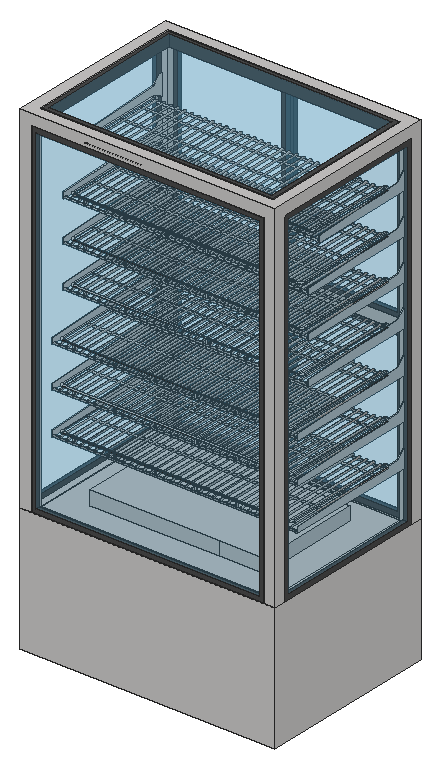
Revit family "QF_FESTIVE_TH9", category Specialty Equipment, Revit 2020
Family settings
  Round Connector Dimension = Use Diameter
  Part Type = Normal
  Work Plane-Based = No
  Always vertical = Yes
  Cut with Voids When Loaded = No
  Shared = No
  Room Calculation Point = No
Parameters (values of type "TH9_220-240/50/1")
  Weight in Kilograms = 185
  Watts = if(Phase = 3, Volts * FL Amps * 1.73, Volts * FL Amps)  # 2948 W
  Volts = 220 V
  URL Cutsheet = ""
  Specification by User = ""
  Specification by Manufacturer = ""
  Shelf Length [instance] = Length - 30 mm  # 870 mm
  Serial Number = ""
  Seismic Rating = ""
  SMACNA No = ""
  Revision Code = ""
  Phase = 1
  Number of Poles = 1
  NAFEM Spec ID Number = ""
  Model = "TH9"
  Min Ckt Ampacity = 0 A
  Max Overcurrent Protection = 0 A
  Masterspec = ""
  Manufacturer = "FESTIVE"
  Length = 900 mm
  Item Number = ""
  Installed By = ""
  Identify Quantity as Lot = yes
  Height = 1730 mm
  HP = ""
  Furnished By = ""
  Foodservice Equipment Identifier = yes
  FL Amps = 13.4 A
  Electrical Remarks = ""
  Electric Connection Type = ""
  Elec Conn RI Height = 0 mm
  Elec Conn Connection Height = 0 mm
  Description = "TOWER: HEATED"
  Depth = 640 mm
  Default Elevation = 0 mm
  Cycle = 50 Hz
  Conn Plug = "10A Plug"
  Conn Conduit = yes
  CSI MasterFormat = ""
  Base Cover 2 [instance] = Length = 1200 mm  # no
  Base Cover 1 [instance] = Length < 901 mm  # yes
  Apparent Power = if(Phase = 3, Volts * FL Amps * 1.73, Volts * FL Amps)  # 2948 VA
Reference planes
  plane 1 "BACK": y = 0
  plane 2: z = 0
  plane 3 "LEFT": x = 0
  plane 4 "RIGHT": x = 900
  plane 5 "FRONT": y = -640
  plane 6 "TOP": z = 1730
  plane 7 "Center Y": x = 450
  plane 8 "Center X": y = -320
  plane 9: z = 470
  plane 10: z = 25.4
  plane 11: x = 40
  plane 12: x = 860
  plane 13: x = 15
  plane 14: x = 885
  plane 15: x = 807.5
  plane 16: x = 92.5
  plane 17: y = 15
Forms (mm)
  Extrusion 1, solid, material "QF_Metal - Stainless - Brushed"
    sketch origin (-6096, 34.743, 25.4) x (0, 1, 0) y (-1, 0, 0)
      loop
        line (-34.743, -6096) -> (-674.743, -6096) -> (-674.743, -6996) -> (-34.743, -6996) -> (-34.743, -6956) -> (-634.743, -6956) -> (-634.743, -6136) -> (-34.743, -6136) -> (-34.743, -6096)
    from 0 to 444.6
  Extrusion 2, solid, material "QF_Plastic - Black - Smooth"
    sketch origin (0, 0, 0) x (0, 1, 0) y (0, 0, 1)
      loop
        line (-40, 1690) -> (-600, 1690) -> (-600, 470) -> (-40, 470) -> (-40, 1690)
      loop
        line (-55, 1675) -> (-585, 1675) -> (-585, 485) -> (-55, 485) -> (-55, 1675)
    from 0 to 15
  Extrusion 3, solid, material "QF_Metal - Stainless - Brushed"
    sketch origin (-6096, 152.961, 470) x (0, 1, 0) y (-1, 0, 0)
      loop
        line (-792.961, -6096) -> (-792.961, -6136) -> (-752.961, -6136) -> (-752.961, -6096) -> (-792.961, -6096)
      loop
        line (-792.961, -6996) -> (-752.961, -6996) -> (-752.961, -6956) -> (-792.961, -6956) -> (-792.961, -6996)
      loop
        line (-152.961, -6996) -> (-152.961, -6956) -> (-192.961, -6956) -> (-192.961, -6996) -> (-152.961, -6996)
      loop
        line (-152.961, -6096) -> (-192.961, -6096) -> (-192.961, -6136) -> (-152.961, -6136) -> (-152.961, -6096)
    from 0 to 1260
  Extrusion 4, solid, material "QF_Metal - Stainless - Brushed"
    sketch origin (-975.299, -4572, 1730) x (-1, 0, 0) y (0, -1, 0)
      loop
        line (-1015.299, -3972) -> (-1835.299, -3972) -> (-1835.299, -4532) -> (-1015.299, -4532) -> (-1015.299, -3972)
      loop
        line (-975.299, -4572) -> (-975.299, -3932) -> (-1875.299, -3932) -> (-1875.299, -4572) -> (-975.299, -4572)
    from 0 to -40
  Extrusion 5, solid, material "Glass"
    sketch origin (0, 0, 0) x (0, 1, 0) y (0, 0, 1)
      loop
        line (-55, 1675) -> (-585, 1675) -> (-585, 485) -> (-55, 485) -> (-55, 1675)
    from 0 to 15
  Extrusion 6, solid, material "QF_Plastic - Black - Smooth"
    sketch origin (900, 0, 0) x (0, -1, 0) y (0, 0, 1)
      loop
        line (40, 1690) -> (40, 470) -> (600, 470) -> (600, 1690) -> (40, 1690)
      loop
        line (55, 1675) -> (55, 485) -> (585, 485) -> (585, 1675) -> (55, 1675)
    from 0 to 15
  Extrusion 7, solid, material "QF_Plastic - Black - Smooth"
    sketch origin (0, -640, 0) x (1, 0, 0) y (0, 0, 1)
      loop
        line (40, 1690) -> (40, 470) -> (860, 470) -> (860, 1690) -> (40, 1690)
      loop
        line (845, 1675) -> (55, 1675) -> (55, 485) -> (845, 485) -> (845, 1675)
    from 0 to -15
  Extrusion 8, solid, material "QF_Plastic - Black - Smooth"
    sketch origin (-975.299, -4572, 1730) x (-1, 0, 0) y (0, -1, 0)
      loop
        line (-1015.299, -4532) -> (-1015.299, -3972) -> (-1835.299, -3972) -> (-1835.299, -4532) -> (-1015.299, -4532)
      loop
        line (-1820.299, -4517) -> (-1030.299, -4517) -> (-1030.299, -3987) -> (-1820.299, -3987) -> (-1820.299, -4517)
    from 0 to -40
  Extrusion 9, solid, material "Glass"
    sketch origin (-975.299, -4572, 1730) x (-1, 0, 0) y (0, -1, 0)
      loop
        line (-1820.299, -4517) -> (-1030.299, -4517) -> (-1030.299, -3987) -> (-1820.299, -3987) -> (-1820.299, -4517)
    from 0 to -40
  Extrusion 10, solid, material "Glass"
    sketch origin (900, 0, 0) x (0, -1, 0) y (0, 0, 1)
      loop
        line (55, 1675) -> (55, 485) -> (585, 485) -> (585, 1675) -> (55, 1675)
    from 0 to 15
  Extrusion 11, solid, material "Glass"
    sketch origin (0, -640, 0) x (1, 0, 0) y (0, 0, 1)
      loop
        line (845, 1675) -> (55, 1675) -> (55, 485) -> (845, 485) -> (845, 1675)
    from 0 to -15
  Extrusion 12, solid, material "QF_Metal - Stainless - Brushed"
    sketch origin (389.467, 0, -196.242) x (1, 0, 0) y (0, 0, -1)
      loop
        line (450.695, -399.744) -> (450.695, -299.744) -> (360.695, -299.744) -> (360.695, -399.744) -> (450.695, -399.744)
    from 0 to 15
  Extrusion 13, solid, material "QF_Metal - Stainless - Brushed"
    sketch origin (0, 0, 0) x (1, 0, 0) y (0, 0, 1)
      loop
        line (860, 376.925) -> (40, 376.925) -> (40, 70.07) -> (145, 70.07) -> (145, 31.8) -> (755, 31.8) -> (755, 69.875) -> (860, 69.875) -> (860, 376.925)
    from 0 to 600
  Extrusion 14, solid
    sketch origin (0, 0, 0) x (-1, 0, 0) y (0, 0, 1)
      loop
        circle (-745, 36.8) r 5
    from 0 to 3.2
  Extrusion 15, solid, material "QF_Metal - Stainless - Brushed"
    sketch origin (860, 0, 25.4) x (1, 0, 0) y (0, 0, -1)
      loop
        line (0, -351.525) -> (-820, -351.525) -> (-820, -444.6) -> (0, -444.6) -> (0, -351.525)
      loop
        line (0, 0) -> (-820, 0) -> (-820, -6.4) -> (0, -6.4) -> (0, 0)
    from 0 to -3.2
  Extrusion 16, solid, material "QF_Plastic - Red - Smooth"
    sketch origin (389.467, 15, -196.242) x (1, 0, 0) y (0, 0, -1)
      loop
        line (432.495, -336.936) -> (432.495, -311.419) -> (423.895, -311.419) -> (423.895, -336.936) -> (432.495, -336.936)
      loop
        line (387.495, -336.936) -> (387.495, -311.419) -> (378.895, -311.419) -> (378.895, -336.936) -> (387.495, -336.936)
    from 0 to 3.2
  Extrusion 17, solid, material "QF_Metal - Stainless - Brushed", visible <- "Base Cover 1"
    sketch origin (-6096, 34.743, 470) x (0, 1, 0) y (-1, 0, 0)
      loop
        line (-165.755, -6696) -> (-165.755, -6238.5) -> (-544.743, -6238.5) -> (-544.743, -6696) -> (-544.743, -6853.5) -> (-165.755, -6853.5) -> (-165.755, -6696)
    from 0 to 48.344
  Extrusion 18, solid, material "QF_Metal - Stainless - Brushed"
    sketch origin (900, 0, 1730) x (-1, 0, 0) y (0, 0, 1)
      loop
        line (40, -670) -> (860, -670) -> (860, -630) -> (40, -630) -> (40, -670)
    from 0 to -30
  Extrusion 19, solid, material "QF_Metal - Stainless - Brushed", visible <- "Base Cover 2"
    sketch origin (-6096, 34.743, 470) x (0, 1, 0) y (-1, 0, 0)
      loop
        line (-544.743, -6238.5) -> (-544.743, -6526) -> (-165.755, -6526) -> (-165.755, -6238.5) -> (-544.743, -6238.5)
      loop
        line (-165.755, -6566) -> (-544.743, -6566) -> (-544.743, -6853.5) -> (-165.755, -6853.5) -> (-165.755, -6566)
    from 0 to 48.344
Cuts and joins
  joined: Extrusion 3, Extrusion 4
Lines and regions (mm)
  Split face 1
    outline origin (410.303, 15, -237.471) x (1, 0, 0) y (0, 0, -1)
      loop
        line (414.859, -381.365) -> (414.859, -349.447) -> (399.859, -349.447) -> (399.859, -381.365) -> (414.859, -381.365)
  Split face 2
    outline origin (580.021, 15, -155.014) x (-1, 0, 0) y (0, 0, 1)
      loop
        line (-185.141, 298.908) -> (-200.141, 298.908) -> (-200.141, 266.99) -> (-185.141, 266.99) -> (-185.141, 298.908)
  Split face 3
    outline origin (389.467, 15, -196.242) x (1, 0, 0) y (0, 0, -1)
      loop
        arc (439.445, -393.619) -> (443.667, -377.428) -> (439.445, -361.238) r 33.153
        line (439.445, -361.238) -> (371.945, -361.238)
        arc (371.945, -361.238) -> (367.723, -377.428) -> (371.945, -393.619) r 33.153
        line (371.945, -393.619) -> (439.445, -393.619)
  Split face 4
    outline origin (389.467, 15, -196.242) x (1, 0, 0) y (0, 0, -1)
      loop
        arc (435.695, -388.563) -> (437.031, -377.507) -> (435.695, -366.451) r 46.41
        line (435.695, -366.451) -> (395.695, -366.451) -> (395.695, -388.563) -> (435.695, -388.563)
  symbolic lines
    curve 1: line (0, 0, 1730) -> (900, 0, 1730)
    curve 2: line (0, -640, 1730) -> (0, 0, 1730)
    curve 3: line (900, -640, 1730) -> (0, -640, 1730)
    curve 4: line (900, 0, 1730) -> (900, -640, 1730)
    curve 5: line (40, -40, 1730) -> (860, -40, 1730)
    curve 6: line (40, -600, 1730) -> (40, -40, 1730)
    curve 7: line (860, -600, 1730) -> (40, -600, 1730)
    curve 8: line (860, -40, 1730) -> (860, -600, 1730)
    curve 9: line (55, -55, 1730) -> (845, -55, 1730)
    curve 10: line (55, -585, 1730) -> (55, -55, 1730)
    curve 11: line (845, -585, 1730) -> (55, -585, 1730)
    curve 12: line (845, -55, 1730) -> (845, -585, 1730)
    curve 13: line (750.162, 15, 1240) -> (750.162, 0, 1240)
    curve 14: line (840.162, 15, 1240) -> (750.162, 15, 1240)
    curve 15: line (840.162, 0, 1240) -> (840.162, 15, 1240)
Dimensions and locks
  equal spacing: plane 3 "LEFT", plane 7 "Center Y", plane 4 "RIGHT"
  "Length": plane 3 "LEFT" to plane 4 "RIGHT"
  equal spacing: plane 5 "FRONT", plane 8 "Center X", plane 1 "BACK"
  "Depth": plane 5 "FRONT" to plane 1 "BACK"
  "Height": plane 6 "TOP" to level
  plane 6 "TOP" to plane 9 to level = 1260 mm, 470 mm
  plane 1 "BACK" to plane 5 "FRONT" = 640 mm
  locked: plane 11 to plane 3 "LEFT" at 40
  locked: plane 12 to plane 4 "RIGHT" at 40
  locked: plane 3 "LEFT" to plane 13 at 15
  locked: plane 4 "RIGHT" to plane 14 at 15
  locked: plane 5 "FRONT" to nested 7 at 45
  locked: plane 5 "FRONT" to nested 6 at 45
  locked: plane 15 to plane 4 "RIGHT" at 92.5
  locked: plane 16 to plane 3 "LEFT" at 92.5
  plane 1 "BACK" to plane 17 = 15 mm
  locked: plane 7 "Center Y" to nested 13 at 15
  locked: plane 7 "Center Y" to nested 14 at 15
  Extrusion 19 sketch curve to plane 7 "Center Y" to Extrusion 19 sketch curve = 20 mm locked, 20 mm locked
  aligned and locked: level to plane 2
  aligned and locked: plane 9 to Extrusion 1
  aligned and locked: plane 6 "TOP" to Extrusion 3
  aligned and locked: nested 1 to plane 13
  aligned and locked: plane 16 to nested 5
  aligned and locked: plane 16 to nested 6
  aligned and locked: nested 8 to plane 15
  aligned and locked: nested 7 to plane 15
  aligned and locked: Extrusion 1 to Extrusion 15 sketch curve  (x2)
  aligned and locked: Extrusion 15 sketch curve to Extrusion 1  (x2)
  aligned and locked: nested 13 to plane 11
  aligned and locked: plane 12 to nested 14
Automatic sketch dimensions
  Extrusion 1 sketch curve to plane 3 "LEFT" = 0 mm
  plane 5 "FRONT" to Extrusion 1 sketch curve = 0 mm
  Extrusion 1 sketch curve to plane 12 = 0 mm
  Extrusion 1 sketch curve to plane 11 = 0 mm
  plane 1 "BACK" to Extrusion 1 sketch curve = 0 mm  (x2)
  Extrusion 1 sketch curve to plane 4 "RIGHT" = 0 mm
  Extrusion 1 sketch curve to plane 5 "FRONT" = 40 mm
  Extrusion 2 sketch curve to plane 9 = 0 mm
  Extrusion 2 sketch curve to plane 5 "FRONT" = 40 mm
  Extrusion 2 sketch curve to Extrusion 2 sketch curve = 15 mm  (x3)
  plane 9 to Extrusion 2 sketch curve = 15 mm
  plane 1 "BACK" to Extrusion 2 sketch curve = 55 mm
  Extrusion 2 sketch curve to plane 6 "TOP" = 55 mm
  Extrusion 3 sketch curve to plane 3 "LEFT" = 0 mm  (x2)
  plane 5 "FRONT" to Extrusion 3 sketch curve = 0 mm  (x2)
  Extrusion 3 sketch curve to plane 4 "RIGHT" = 0 mm  (x2)
  Extrusion 3 sketch curve to plane 11 = 0 mm  (x2)
  Extrusion 3 sketch curve to plane 12 = 0 mm  (x2)
  plane 1 "BACK" to Extrusion 3 sketch curve = 0 mm  (x2)
  Extrusion 3 sketch curve to plane 5 "FRONT" = 40 mm  (x2)
  Extrusion 3 sketch curve to Extrusion 3 sketch curve = 40 mm  (x2)
  plane 1 "BACK" to Extrusion 4 sketch curve = 0 mm
  Extrusion 4 sketch curve to plane 4 "RIGHT" = 0 mm
  Extrusion 4 sketch curve to plane 12 = 0 mm
  Extrusion 4 sketch curve to plane 11 = 0 mm
  Extrusion 4 sketch curve to plane 3 "LEFT" = 0 mm
  plane 5 "FRONT" to Extrusion 4 sketch curve = 0 mm
  plane 1 "BACK" to Extrusion 4 sketch curve = 40 mm
  Extrusion 4 sketch curve to plane 5 "FRONT" = 40 mm
  Extrusion 5 sketch curve to plane 5 "FRONT" = 55 mm
  plane 9 to Extrusion 5 sketch curve = 15 mm
  plane 1 "BACK" to Extrusion 5 sketch curve = 55 mm
  Extrusion 5 sketch curve to plane 6 "TOP" = 55 mm
  Extrusion 6 sketch curve to plane 9 = 0 mm
  plane 1 "BACK" to Extrusion 6 sketch curve = 40 mm
  Extrusion 6 sketch curve to Extrusion 6 sketch curve = 15 mm  (x3)
  plane 9 to Extrusion 6 sketch curve = 15 mm
  Extrusion 6 sketch curve to plane 5 "FRONT" = 55 mm
  Extrusion 6 sketch curve to plane 6 "TOP" = 55 mm
  Extrusion 7 sketch curve to plane 9 = 0 mm
  Extrusion 7 sketch curve to plane 11 = 0 mm
  plane 12 to Extrusion 7 sketch curve = 0 mm
  plane 11 to Extrusion 7 sketch curve = 15 mm
  plane 12 to Extrusion 7 sketch curve = 15 mm
  plane 9 to Extrusion 7 sketch curve = 15 mm
  Extrusion 7 sketch curve to plane 6 "TOP" = 55 mm
  Extrusion 7 sketch curve to Extrusion 7 sketch curve = 15 mm
  Extrusion 8 sketch curve to plane 12 = 0 mm
  Extrusion 8 sketch curve to plane 11 = 0 mm
  plane 12 to Extrusion 8 sketch curve = 15 mm
  plane 11 to Extrusion 8 sketch curve = 15 mm
  plane 1 "BACK" to Extrusion 8 sketch curve = 40 mm
  Extrusion 8 sketch curve to Extrusion 8 sketch curve = 15 mm  (x2)
  Extrusion 8 sketch curve to plane 5 "FRONT" = 55 mm
  plane 12 to Extrusion 9 sketch curve = 15 mm
  plane 11 to Extrusion 9 sketch curve = 15 mm
  plane 1 "BACK" to Extrusion 9 sketch curve = 55 mm
  Extrusion 9 sketch curve to plane 5 "FRONT" = 55 mm
  plane 1 "BACK" to Extrusion 10 sketch curve = 55 mm
  plane 9 to Extrusion 10 sketch curve = 15 mm
  Extrusion 10 sketch curve to plane 5 "FRONT" = 55 mm
  Extrusion 10 sketch curve to plane 6 "TOP" = 55 mm
  plane 1 "BACK" to curve 1 = 0 mm
  curve 1 to plane 4 "RIGHT" = 0 mm
  curve 8 to plane 12 = 0 mm
  curve 5 to plane 11 = 0 mm
  curve 3 to plane 3 "LEFT" = 0 mm
  plane 5 "FRONT" to curve 3 = 0 mm
  plane 12 to curve 12 = 15 mm
  plane 11 to curve 10 = 15 mm
  plane 1 "BACK" to curve 5 = 40 mm
  curve 5 to curve 9 = 15 mm
  curve 12 to plane 5 "FRONT" = 55 mm
  curve 10 to curve 7 = 15 mm
  plane 11 to Extrusion 11 sketch curve = 15 mm
  plane 12 to Extrusion 11 sketch curve = 15 mm
  plane 9 to Extrusion 11 sketch curve = 15 mm
  Extrusion 11 sketch curve to plane 6 "TOP" = 55 mm
  plane 15 to Extrusion 12 sketch curve = 57.338 mm
  plane 12 to Extrusion 12 sketch curve = 19.838 mm
  plane 10 to Extrusion 12 sketch curve = 178.101 mm
  plane 10 to Extrusion 12 sketch curve = 78.101 mm
  Split face 1 sketch curve to Extrusion 12 = 30 mm
  Split face 1 sketch curve to Extrusion 12 = 15 mm
  Split face 1 sketch curve to Extrusion 12 = 40.393 mm
  Split face 1 sketch curve to Extrusion 12 = 8.475 mm
  Extrusion 13 sketch curve to plane 11 = 0 mm
  plane 12 to Extrusion 13 sketch curve = 0 mm
  plane 10 to Extrusion 13 sketch curve = 6.4 mm
  plane 16 to Extrusion 13 sketch curve = 52.5 mm
  plane 15 to Extrusion 13 sketch curve = 52.5 mm
  plane 10 to Extrusion 13 sketch curve = 44.475 mm
  Extrusion 13 sketch curve to Extrusion 13 sketch curve = 38.27 mm
  Extrusion 13 sketch curve to plane 9 = 93.075 mm
  Extrusion 14 sketch curve to Extrusion 13 = 10 mm
  Extrusion 14 sketch curve to Extrusion 13 = 5 mm
  Extrusion 15 sketch curve to Extrusion 1 = 0 mm  (x2)
  Extrusion 1 to Extrusion 15 sketch curve = 93.075 mm
  Extrusion 15 sketch curve to Extrusion 15 sketch curve = 6.4 mm
  Split face 2 sketch curve to Extrusion 12 = 30 mm
  Split face 2 sketch curve to Extrusion 12 = 15 mm
  Split face 2 sketch curve to Extrusion 12 = 8.475 mm
  Split face 2 sketch curve to Split face 2 sketch curve = 31.918 mm
  Split face 3 sketch curve to Extrusion 12 = 11.25 mm  (x4)
  Split face 3 sketch curve to Split face 3 sketch curve = 28.931 mm
  Split face 3 sketch curve to Split face 3 sketch curve = 9.638 mm
  Split face 3 sketch curve to Extrusion 12 = 6.125 mm
  Split face 3 sketch curve to Extrusion 12 = 22.316 mm
  Extrusion 16 sketch curve to Extrusion 12 = 18.2 mm
  Extrusion 16 sketch curve to Extrusion 16 sketch curve = 8.6 mm  (x2)
  Extrusion 16 sketch curve to Extrusion 12 = 26.8 mm
  Extrusion 16 sketch curve to Extrusion 12 = 37.193 mm  (x2)
  Extrusion 16 sketch curve to Extrusion 12 = 11.675 mm  (x2)
  Split face 4 sketch curve to Extrusion 12 = 29.926 mm
  Split face 4 sketch curve to Split face 4 sketch curve = 5.074 mm
  Split face 4 sketch curve to Extrusion 12 = 15 mm  (x2)
  Split face 4 sketch curve to Extrusion 12 = 11.181 mm
  Split face 4 sketch curve to Split face 4 sketch curve = 11.056 mm
  Extrusion 1 to Extrusion 17 sketch curve = 90 mm
  Extrusion 17 sketch curve to Extrusion 1 = 131.012 mm
  Extrusion 1 to Extrusion 17 sketch curve = 102.5 mm  (x2)
  Extrusion 17 sketch curve to Extrusion 17 sketch curve = 157.5 mm  (x2)
  plane 1 "BACK" to curve 15 = 0 mm
  curve 14 to plane 17 = 0 mm
  plane 1 "BACK" to curve 13 = 0 mm
  plane 12 to curve 14 = 19.838 mm
  plane 15 to curve 14 = 57.338 mm
  Extrusion 4 to Extrusion 18 sketch curve = 40 mm
  Extrusion 18 sketch curve to Extrusion 4 = 40 mm
  Extrusion 18 sketch curve to Extrusion 4 = 630 mm
  Extrusion 18 sketch curve to Extrusion 18 sketch curve = 40 mm
  Extrusion 1 to Extrusion 19 sketch curve = 90 mm
  Extrusion 1 to Extrusion 19 sketch curve = 102.5 mm  (x2)
  Extrusion 19 sketch curve to Extrusion 19 sketch curve = 0 mm  (x2)
  Extrusion 19 sketch curve to Extrusion 1 = 131.012 mm
  radius of Extrusion 14 sketch curve = 5 mm
Nested families
  nested 1: "PARAMETRIC SHELF" at (15, -40, 1380), Length <- "Shelf Length", type "PARAMETRIC SHELF"
    with Rail Depth 382 mm, Rail 2 6, No. of Rail 34, Length 870 mm, Depth 432 mm
  nested 2: "PARAMETRIC SHELF" at (15, -40, 1235.776), Length <- "Shelf Length", type "PARAMETRIC SHELF"
    with Rail Depth 382 mm, Rail 2 6, No. of Rail 34, Length 870 mm, Depth 432 mm
  nested 3: "PARAMETRIC SHELF" at (15, -40, 795.822), Length <- "Shelf Length", type "PARAMETRIC SHELF"
    with Rail Depth 430 mm, Rail 2 6, No. of Rail 34, Length 870 mm, Depth 480 mm
  nested 4: "PARAMETRIC SHELF" at (15, -40, 940.822), Length <- "Shelf Length", type "PARAMETRIC SHELF"
    with Rail Depth 430 mm, Rail 2 6, No. of Rail 34, Length 870 mm, Depth 480 mm
  nested 5: "3 INCHES 01_CASTER" at (92.5, -65, 0), type "3 INCHES 01_CASTER"
    with Type Mark "", Specification by User "", Revision Code "", Item Number "", Installed By "", Identify Quantity as Lot yes, Furnished By "", Foodservice Equipment Identifier yes, 3 Inches Caster yes
  nested 6: "3 INCHES 01_CASTER" at (92.5, -595, 0), type "3 INCHES 01_CASTER"
    with Type Mark "", Specification by User "", Revision Code "", Item Number "", Installed By "", Identify Quantity as Lot yes, Furnished By "", Foodservice Equipment Identifier yes, 3 Inches Caster yes
  nested 7: "3 INCHES 01_CASTER" at (807.5, -595, 0), type "3 INCHES 01_CASTER"
    with Type Mark "", Specification by User "", Revision Code "", Item Number "", Installed By "", Identify Quantity as Lot yes, Furnished By "", Foodservice Equipment Identifier yes, 3 Inches Caster yes
  nested 8: "3 INCHES 01_CASTER" at (807.5, -65, 0), type "3 INCHES 01_CASTER"
    with Type Mark "", Specification by User "", Revision Code "", Item Number "", Installed By "", Identify Quantity as Lot yes, Furnished By "", Foodservice Equipment Identifier yes, 3 Inches Caster yes
  nested 9: "PARAMETRIC PAN" at (15, -40, 466.8), Length <- "Shelf Length", type "PARAMETRIC PAN"
    with Rail Depth 510 mm, Rail 2 6, No. of Rail 34, Length 870 mm, Depth 560 mm
  nested 10: "PARAMETRIC SHELF" at (15, -40, 1090.822), Length <- "Shelf Length", type "PARAMETRIC SHELF"
    with Rail Depth 382 mm, Rail 2 6, No. of Rail 34, Length 870 mm, Depth 432 mm
  nested 11: "PARAMETRIC SHELF" at (15, -40, 647.883), Length <- "Shelf Length", type "PARAMETRIC SHELF"
    with Rail Depth 430 mm, Rail 2 6, No. of Rail 34, Length 870 mm, Depth 480 mm
  nested 12: "PARAMETRIC SHELF" at (15, -40, 1525.095), Length <- "Shelf Length", type "PARAMETRIC SHELF"
    with Rail Depth 335 mm, Rail 2 6, No. of Rail 34, Length 870 mm, Depth 385 mm
  nested 13: "PARAMETRIC WINDOW" at (40, 0, 15), type "PARAMETRIC WINDOW"
    with Window Assembly yes, Length 425 mm
  nested 14: "PARAMETRIC WINDOW" at (435, -15, 15), type "PARAMETRIC WINDOW"
    with Window Assembly yes, Length 425 mm
Connectors
  electrical at (745, 3.2, 36.8), driven by "Volts", driven by "Watts"
    settings: on Extrusion 14, index 2, voltage 220 V, apparent load 2948 VA, apparent load phase1 0 VA, apparent load phase2 0 VA, apparent load phase3 0 VA, power factor 1, load classification "Other", number of poles 1, system type 30, power factor state 1, is connector primary yes, connector utility no, sub classification motor no, connector description "ELECTRICAL CONNECTION"
Definition of nested family "PARAMETRIC SHELF"
  Parameters (values of type "PARAMETRIC SHELF")
    Weight in Pounds = 0
    URL Cutsheet = ""
    Specification by User = ""
    Specification by Manufacturer = ""
    Serial Number = ""
    Seismic Rating = ""
    SMACNA No = ""
    Revision Code = ""
    Rail Depth [instance] = Depth - 50 mm  # 367 mm
    Rail 2 [instance] = Length / 150 mm  # 4
    No. of Rail [instance] = Length / 25.4 mm  # 24
    NAFEM Spec ID Number = ""
    Masterspec = ""
    Length [instance] = 600 mm
    Item Number = ""
    Installed By = ""
    Identify Quantity as Lot = yes
    Height = 220 mm
    Furnished By = ""
    Foodservice Equipment Identifier = yes
    Depth [instance] = 417 mm
    Default Elevation = 0 mm
    CSI MasterFormat = ""
  Reference planes
    plane 1 "BACK": y = 0
    plane 2: z = 0
    plane 3 "LEFT": x = 0
    plane 4 "RIGHT": x = 600
    plane 5 "FRONT": y = -417
    plane 6 "TOP": z = 220
    plane 7 "Center Y": x = 300
    plane 8 "Center X": y = -208.5
    plane 9: x = 28.6
    plane 10: x = 571.4
    plane 11: x = 3.2
    plane 12: x = 596.8
  Forms (mm)
    Extrusion 1, solid
      sketch origin (0, -4517, 280.761) x (0, 0, 1) y (0, -1, 0)
        loop
          line (-244.023, -4477) -> (-261.193, -4100) -> (-280.761, -4100) -> (-280.761, -4502.438) -> (-295.323, -4517) -> (-217.773, -4517) -> (-217.773, -4508.448) -> (-244.023, -4477)
      from 0 to 3.2
    Extrusion 2, solid
      sketch origin (600, 0, 0) x (0, -1, 0) y (0, 0, 1)
        loop
          line (40, 36.738) -> (8.552, 62.988) -> (0, 62.988) -> (0, -14.562) -> (14.562, 0) -> (417, 0) -> (417, 19.568) -> (40, 36.738)
      from 0 to 3.2
    Extrusion 3, solid
      sketch origin (3.2, -4572, 62.788) x (0, 0, 1) y (0, -1, 0)
        loop
          circle (-59.788, -4158) r 3
        loop
          circle (-59.788, -4268) r 3
        loop
          circle (-59.788, -4368) r 3
        loop
          circle (-59.788, -4471.515) r 3
        loop
          circle (-59.788, -4519.015) r 3
      from 0 to 593.6
    Extrusion 4, solid
      sketch origin (20.4, -417, 21.873) x (0, 0, 1) y (1, 0, 0)
        loop
          circle (-13.368, 8.2) r 2.5
      from 0 to 367 <- "Rail Depth"
    Extrusion 5, solid
      sketch origin (563.2, -417, 21.873) x (0, 0, 1) y (1, 0, 0)
        loop
          circle (-13.368, 8.2) r 2.5
      from 0 to 367 <- "Rail Depth"
    Extrusion 6, solid
      sketch origin (44, -417, 21.873) x (0, 0, 1) y (1, 0, 0)
        loop
          circle (-13.368, 8.2) r 2.5
      from 0 to 367 <- "Rail Depth"
    Extrusion 7, solid
      sketch origin (67.6, -417, 21.873) x (0, 0, 1) y (1, 0, 0)
        loop
          circle (-13.368, 8.2) r 2.5
      from 0 to 367 <- "Rail Depth"
    Extrusion 8, solid
      sketch origin (91.2, -417, 21.873) x (0, 0, 1) y (1, 0, 0)
        loop
          circle (-13.368, 8.2) r 2.5
      from 0 to 367 <- "Rail Depth"
    Extrusion 9, solid
      sketch origin (114.8, -417, 21.873) x (0, 0, 1) y (1, 0, 0)
        loop
          circle (-13.368, 8.2) r 2.5
      from 0 to 367 <- "Rail Depth"
    Extrusion 10, solid
      sketch origin (138.4, -417, 21.873) x (0, 0, 1) y (1, 0, 0)
        loop
          circle (-13.368, 8.2) r 2.5
      from 0 to 367 <- "Rail Depth"
    Extrusion 11, solid
      sketch origin (162, -417, 21.873) x (0, 0, 1) y (1, 0, 0)
        loop
          circle (-13.368, 8.2) r 2.5
      from 0 to 367 <- "Rail Depth"
    Extrusion 12, solid
      sketch origin (185.6, -417, 21.873) x (0, 0, 1) y (1, 0, 0)
        loop
          circle (-13.368, 8.2) r 2.5
      from 0 to 367 <- "Rail Depth"
    Extrusion 13, solid
      sketch origin (209.2, -417, 21.873) x (0, 0, 1) y (1, 0, 0)
        loop
          circle (-13.368, 8.2) r 2.5
      from 0 to 367 <- "Rail Depth"
    Extrusion 14, solid
      sketch origin (232.8, -417, 21.873) x (0, 0, 1) y (1, 0, 0)
        loop
          circle (-13.368, 8.2) r 2.5
      from 0 to 367 <- "Rail Depth"
    Extrusion 15, solid
      sketch origin (256.4, -417, 21.873) x (0, 0, 1) y (1, 0, 0)
        loop
          circle (-13.368, 8.2) r 2.5
      from 0 to 367 <- "Rail Depth"
    Extrusion 16, solid
      sketch origin (280, -417, 21.873) x (0, 0, 1) y (1, 0, 0)
        loop
          circle (-13.368, 8.2) r 2.5
      from 0 to 367 <- "Rail Depth"
    Extrusion 17, solid
      sketch origin (303.6, -417, 21.873) x (0, 0, 1) y (1, 0, 0)
        loop
          circle (-13.368, 8.2) r 2.5
      from 0 to 367 <- "Rail Depth"
    Extrusion 18, solid
      sketch origin (327.2, -417, 21.873) x (0, 0, 1) y (1, 0, 0)
        loop
          circle (-13.368, 8.2) r 2.5
      from 0 to 367 <- "Rail Depth"
    Extrusion 19, solid
      sketch origin (350.8, -417, 21.873) x (0, 0, 1) y (1, 0, 0)
        loop
          circle (-13.368, 8.2) r 2.5
      from 0 to 367 <- "Rail Depth"
    Extrusion 20, solid
      sketch origin (374.4, -417, 21.873) x (0, 0, 1) y (1, 0, 0)
        loop
          circle (-13.368, 8.2) r 2.5
      from 0 to 367 <- "Rail Depth"
    Extrusion 21, solid
      sketch origin (398, -417, 21.873) x (0, 0, 1) y (1, 0, 0)
        loop
          circle (-13.368, 8.2) r 2.5
      from 0 to 367 <- "Rail Depth"
    Extrusion 22, solid
      sketch origin (421.6, -417, 21.873) x (0, 0, 1) y (1, 0, 0)
        loop
          circle (-13.368, 8.2) r 2.5
      from 0 to 367 <- "Rail Depth"
    Extrusion 23, solid
      sketch origin (445.2, -417, 21.873) x (0, 0, 1) y (1, 0, 0)
        loop
          circle (-13.368, 8.2) r 2.5
      from 0 to 367 <- "Rail Depth"
    Extrusion 24, solid
      sketch origin (468.8, -417, 21.873) x (0, 0, 1) y (1, 0, 0)
        loop
          circle (-13.368, 8.2) r 2.5
      from 0 to 367 <- "Rail Depth"
    Extrusion 25, solid
      sketch origin (492.4, -417, 21.873) x (0, 0, 1) y (1, 0, 0)
        loop
          circle (-13.368, 8.2) r 2.5
      from 0 to 367 <- "Rail Depth"
    Extrusion 26, solid
      sketch origin (516, -417, 21.873) x (0, 0, 1) y (1, 0, 0)
        loop
          circle (-13.368, 8.2) r 2.5
      from 0 to 367 <- "Rail Depth"
    Extrusion 27, solid
      sketch origin (539.6, -417, 21.873) x (0, 0, 1) y (1, 0, 0)
        loop
          circle (-13.368, 8.2) r 2.5
      from 0 to 367 <- "Rail Depth"
    Sweep 28, solid
      path origin (0, 0, 0) x (1, 0, 0) y (0, 1, 0)
        loop
          line (571.4, -70) -> (571.4, -404)
          arc (571.4, -404) -> (568.471, -411.071) -> (561.4, -414) r 10
          line (561.4, -414) -> (38.6, -414)
          arc (38.6, -414) -> (31.529, -411.071) -> (28.6, -404) r 10
          line (28.6, -404) -> (28.6, -70)
      profile origin (571.4, -237, 0) x (1, 0, 0) y (0, 0, 1)
        loop
          circle (0, 23.505) r 2.5
    Sweep 29, solid
      path origin (28.6, -4572, 11.2) x (0, 0, 1) y (0, -1, 0)
        loop
          line (12.305, -4502) -> (12.305, -4509.015)
          arc (12.305, -4509.015) -> (9.376, -4516.086) -> (2.305, -4519.015) r 10
          line (2.305, -4519.015) -> (-0.376, -4519.015)
      profile origin (28.6, -66.493, 23.505) x (0, 0, 1) y (1, 0, 0)
        loop
          circle (0, 0) r 2.5
    Sweep 30, solid
      path origin (571.4, -4572, 11.2) x (0, 0, 1) y (0, -1, 0)
        loop
          line (12.305, -4502) -> (12.305, -4509.015)
          arc (12.305, -4509.015) -> (9.376, -4516.086) -> (2.305, -4519.015) r 10
          line (2.305, -4519.015) -> (-0.376, -4519.015)
      profile origin (571.4, -66.493, 23.505) x (0, 0, -1) y (-1, 0, 0)
        loop
          circle (0, 0) r 2.5
    Extrusion 31, solid
      sketch origin (0, 0, 0) x (1, 0, 0) y (0, 1, 0)
        loop
          circle (75.8, -414.118) r 2
      from 5.989 to 23.272
    Extrusion 32, solid
      sketch origin (448.4, 0, 0) x (1, 0, 0) y (0, 1, 0)
        loop
          circle (75.8, -414.118) r 2
      from 5.989 to 23.272
    Extrusion 33, solid
      sketch origin (149.467, 0, 0) x (1, 0, 0) y (0, 1, 0)
        loop
          circle (75.8, -414.118) r 2
      from 5.989 to 23.272
    Extrusion 34, solid
      sketch origin (298.933, 0, 0) x (1, 0, 0) y (0, 1, 0)
        loop
          circle (75.8, -414.118) r 2
      from 5.989 to 23.272
  Cuts and joins
    joined: Sweep 28, Sweep 29, Sweep 30
  Lines and regions (mm)
    symbolic lines
      curve 1: line (0, 0, 0) -> (600, 0, 0)
      curve 2: line (0, -417, 0) -> (0, 0, 0)
      curve 3: line (600, -417, 0) -> (0, -417, 0)
      curve 4: line (600, 0, 0) -> (600, -417, 0)
  Dimensions and locks
    equal spacing: plane 3 "LEFT", plane 7 "Center Y", plane 4 "RIGHT"
    "Length": plane 3 "LEFT" to plane 4 "RIGHT"
    equal spacing: plane 5 "FRONT", plane 8 "Center X", plane 1 "BACK"
    "Depth": plane 5 "FRONT" to plane 1 "BACK"
    "Height": plane 6 "TOP" to level
    locked: plane 9 to plane 3 "LEFT" at 28.6
    locked: plane 10 to plane 4 "RIGHT" at 28.6
    locked: plane 12 to plane 4 "RIGHT" at 3.2
    locked: plane 11 to plane 3 "LEFT" at 3.2
    equal spacing: group 1, group 3, group 4, group 5, group 6, group 7, group 8, group 9, group 10, group 11, group 12, group 13, group 14, group 15, group 16, group 17, group 18, group 19, group 20, group 21, group 22, group 23, group 24, group 2  (x3)
    plane 1 "BACK" to Extrusion 3 sketch curve to Extrusion 3 sketch curve = 52.985 mm locked, 47.5 mm locked
    locked: Sweep 28 sketch curve to plane 1 "BACK" at 70  (x2)
    equal spacing: group 25, group 27, group 28, group 26  (x3)
    locked: Extrusion 31 to plane 3 "LEFT" at 73.8
    locked: Extrusion 32 to plane 4 "RIGHT" at 73.8
    locked: Extrusion 31 to plane 5 "FRONT" at 2.882
    locked: Extrusion 32 to plane 5 "FRONT" at 2.882
    aligned and locked: level to plane 2
    aligned and locked: Extrusion 3 to plane 12
    aligned and locked: plane 5 "FRONT" to Extrusion 4
    aligned and locked: plane 5 "FRONT" to Extrusion 5
    aligned and locked: plane 10 to Extrusion 5
  Automatic sketch dimensions
    Extrusion 1 sketch curve to plane 1 "BACK" = 0 mm
    Extrusion 1 sketch curve to level = 0 mm
    Extrusion 1 sketch curve to plane 5 "FRONT" = 0 mm
    Extrusion 1 sketch curve to level = 14.562 mm
    level to Extrusion 1 sketch curve = 19.568 mm
    level to Extrusion 1 sketch curve = 36.738 mm
    plane 1 "BACK" to Extrusion 1 sketch curve = 8.552 mm
    Extrusion 1 sketch curve to Extrusion 1 sketch curve = 26.25 mm
    plane 1 "BACK" to Extrusion 1 sketch curve = 14.562 mm
    plane 1 "BACK" to Extrusion 1 sketch curve = 40 mm
    Extrusion 2 sketch curve to plane 1 "BACK" = 0 mm
    Extrusion 2 sketch curve to level = 0 mm
    Extrusion 2 sketch curve to plane 5 "FRONT" = 0 mm
    plane 1 "BACK" to Extrusion 2 sketch curve = 8.552 mm
    plane 1 "BACK" to Extrusion 2 sketch curve = 14.562 mm
    plane 1 "BACK" to Extrusion 2 sketch curve = 40 mm
    Extrusion 2 sketch curve to level = 14.562 mm
    level to Extrusion 2 sketch curve = 19.568 mm
    level to Extrusion 2 sketch curve = 36.738 mm
    Extrusion 2 sketch curve to Extrusion 2 sketch curve = 26.25 mm
    level to Extrusion 3 sketch curve = 3 mm  (x5)
    plane 8 "Center X" to Extrusion 3 sketch curve = 4.5 mm
    Extrusion 3 sketch curve to plane 8 "Center X" = 95.5 mm
    Extrusion 3 sketch curve to plane 5 "FRONT" = 3 mm
    Sweep 28 sketch curve to plane 9 = 0 mm
    Sweep 28 sketch curve to plane 10 = 0 mm
    Sweep 28 sketch curve to plane 5 "FRONT" = 3 mm
    plane 9 to Sweep 28 sketch curve = 10 mm
    Sweep 28 sketch curve to Sweep 28 sketch curve = 10 mm
    profile plane to Sweep 28 sketch curve = 0 mm
    level to Sweep 28 sketch curve = 23.505 mm
    level to Sweep 29 sketch curve = 13.505 mm
    Sweep 29 sketch curve to Sweep 29 sketch curve = 10 mm
    plane 1 "BACK" to Sweep 29 sketch curve = 52.985 mm
    Sweep 29 sketch curve to Sweep 29 sketch curve = 2.68 mm
    Sweep 29 sketch curve to Sweep 29 sketch curve = 7.015 mm
    Sweep 29 sketch curve to plane 9 = 0 mm
    Sweep 29 sketch curve to profile plane = 0 mm
    Sweep 30 sketch curve to profile plane = 0 mm
    profile plane to Sweep 30 sketch curve = 0 mm
    Sweep 30 sketch curve to level = 13.505 mm
    Sweep 30 sketch curve to Sweep 30 sketch curve = 10 mm
    Sweep 30 sketch curve to plane 1 "BACK" = 52.985 mm
    Sweep 30 sketch curve to Sweep 30 sketch curve = 2.68 mm
    Sweep 30 sketch curve to Sweep 30 sketch curve = 7.015 mm
    curve 3 to plane 3 "LEFT" = 0 mm
    curve 3 to plane 4 "RIGHT" = 0 mm
    plane 5 "FRONT" to curve 3 = 0 mm
    plane 1 "BACK" to curve 2 = 0 mm
    radius of Extrusion 4 sketch curve = 2.5 mm
    radius of Extrusion 5 sketch curve = 2.5 mm
    radius of Extrusion 6 sketch curve = 2.5 mm
    radius of Extrusion 7 sketch curve = 2.5 mm
    radius of Extrusion 8 sketch curve = 2.5 mm
    radius of Extrusion 9 sketch curve = 2.5 mm
    radius of Extrusion 10 sketch curve = 2.5 mm
    radius of Extrusion 11 sketch curve = 2.5 mm
    radius of Extrusion 12 sketch curve = 2.5 mm
    radius of Extrusion 13 sketch curve = 2.5 mm
    radius of Extrusion 14 sketch curve = 2.5 mm
    radius of Extrusion 15 sketch curve = 2.5 mm
    radius of Extrusion 16 sketch curve = 2.5 mm
    radius of Extrusion 17 sketch curve = 2.5 mm
    radius of Extrusion 18 sketch curve = 2.5 mm
    radius of Extrusion 19 sketch curve = 2.5 mm
    radius of Extrusion 20 sketch curve = 2.5 mm
    radius of Extrusion 21 sketch curve = 2.5 mm
    radius of Extrusion 22 sketch curve = 2.5 mm
    radius of Extrusion 23 sketch curve = 2.5 mm
    radius of Extrusion 24 sketch curve = 2.5 mm
    radius of Extrusion 25 sketch curve = 2.5 mm
    radius of Extrusion 26 sketch curve = 2.5 mm
    radius of Extrusion 27 sketch curve = 2.5 mm
    radius of Extrusion 3 sketch curve = 3 mm  (x5)
    radius of Sweep 28 sketch curve = 2.5 mm
    radius of Sweep 29 sketch curve = 2.5 mm
    radius of Sweep 30 sketch curve = 2.5 mm
    radius of Extrusion 31 sketch curve = 2 mm
    radius of Extrusion 32 sketch curve = 2 mm
    radius of Extrusion 33 sketch curve = 2 mm
    radius of Extrusion 34 sketch curve = 2 mm
Definition of nested family "3 INCHES 01_CASTER"
  Parameters (values of type "3 INCHES 01_CASTER")
    Weight = ""
    URL Manufacturer = ""
    URL Cutsheet = ""
    URL = ""
    Type Mark [instance] = ""
    Specification by User [instance] = ""
    Specification by Manufacturer = ""
    Serial Number = ""
    Seismic Rating = ""
    SMACNA No = ""
    Revision Code [instance] = ""
    Omniclass Number and Title = ""
    NAFEM Spec ID Number = ""
    Model = ""
    MasterSpec. = ""
    Manufacturer = ""
    Item Number [instance] = ""
    Installed By [instance] = ""
    Identify Quantity as Lot [instance] = yes
    Furnished By [instance] = ""
    Foodservice Equipment Identifier [instance] = yes
    Description = ""
    Default Elevation = 0 mm
    CSI MasterFormat = ""
    CSI Master Format = ""
    Assembly Code = ""
    3 Inches Caster [instance] = yes
  Reference planes
    plane 1: z = 0
    plane 2 "RIGHT": x = 0
    plane 3 "FRONT": y = 0
    plane 4 "TOP": z = 79.375
  Forms (mm)
    Revolve 1, solid, visible <- "3 Inches Caster"
      sketch origin (-49.224, 14.225, -25.504) x (1, 0, 0) y (0, 0, 1)
        loop
          line (18.81, 53.682) -> (18.81, 51.765) -> (20.08, 50.495) -> (21.604, 50.495) -> (21.604, 47.445) -> (31.369, 47.445) -> (31.369, 43.353) -> (34.656, 41.455) -> (35.568, 35.823) -> (34.131, 35.823) -> (34.131, 32.648) -> (34.925, 32.648) -> (34.925, 25.504) -> (63.103, 25.504) -> (63.103, 32.648) -> (63.897, 32.648) -> (63.897, 35.823) -> (62.461, 35.823) -> (63.387, 41.544) -> (66.659, 43.434) -> (66.659, 47.445) -> (77.218, 47.445) -> (77.218, 50.495) -> (78.742, 50.495) -> (80.012, 51.765) -> (80.012, 53.682) -> (18.81, 53.682)
        axis (18.81, 53.682) -> (80.012, 53.682)
      angle from 0 to 360
    Extrusion 2, solid, visible <- "3 Inches Caster"
      sketch origin (-49.224, 34.365, -82.654) x (0, 1, 0) y (0, 0, 1)
        loop
          line (-10.438, 149.046) -> (-10.438, 152.724) -> (-58.291, 152.724) -> (-58.291, 145.096) -> (-46.304, 145.096)
          arc (-46.304, 145.096) -> (-25.478, 142.206) -> (-4.976, 137.538) r 244.683
          arc (-4.976, 137.538) -> (3.212, 134.488) -> (10.725, 130.027) r 48.783
          line (10.725, 130.027) -> (13.034, 133.223)
          arc (13.034, 133.223) -> (6.948, 137.813) -> (0.305, 141.552) r 57.159
          line (0.305, 141.552) -> (2.38, 145.142)
          arc (2.38, 145.142) -> (-3.879, 147.585) -> (-10.438, 149.046) r 43.98
      from 29.809 to 68.639
    Revolve 3, solid, visible <- "3 Inches Caster"
      sketch origin (0, 44.16, -82.55) x (0, 1, 0) y (0, 0, 1)
        loop
          line (-44.16, 161.925) -> (-44.16, 152.62) -> (-23.696, 152.62) -> (-23.696, 161.925) -> (-44.16, 161.925)
        axis (-44.16, 152.62) -> (-44.16, 161.925)
      angle from 0 to 360
    Extrusion 4, solid, visible <- "3 Inches Caster"
      sketch origin (-50.414, 34.365, -44.554) x (0, 1, 0) y (0, 0, 1)
        loop
          line (-58.291, 114.624) -> (-58.291, 106.996) -> (-56.068, 106.996)
          arc (-56.068, 106.996) -> (-40.334, 98.348) -> (-33.282, 81.837) r 27.521
          arc (-33.282, 81.837) -> (-32.335, 75.873) -> (-30.382, 70.158) r 35.169
          arc (-30.382, 70.158) -> (-19.737, 63.435) -> (-9.498, 70.763) r 11.278
          arc (-9.498, 70.763) -> (-9.015, 72.239) -> (-8.655, 73.751) r 18.805
          arc (-8.655, 73.751) -> (-1.855, 86.085) -> (10.869, 92.126) r 22.956
          line (10.869, 92.126) -> (13.034, 95.123)
          arc (13.034, 95.123) -> (6.948, 99.713) -> (0.305, 103.452) r 57.159
          line (0.305, 103.452) -> (2.38, 107.042)
          arc (2.38, 107.042) -> (-3.879, 109.485) -> (-10.438, 110.946) r 43.98
          line (-10.438, 110.946) -> (-10.438, 114.624) -> (-58.291, 114.624)
      from 69.829 to 73.87
    Extrusion 5, solid, visible <- "3 Inches Caster"
      sketch origin (50.414, 34.365, -44.554) x (0, 1, 0) y (0, 0, -1)
        loop
          line (-58.291, -114.624) -> (-10.438, -114.624) -> (-10.438, -110.946)
          arc (-10.438, -110.946) -> (-3.879, -109.485) -> (2.38, -107.042) r 43.98
          line (2.38, -107.042) -> (0.305, -103.452)
          arc (0.305, -103.452) -> (6.948, -99.713) -> (13.034, -95.123) r 57.159
          line (13.034, -95.123) -> (10.869, -92.126)
          arc (10.869, -92.126) -> (-1.855, -86.085) -> (-8.655, -73.751) r 22.956
          arc (-8.655, -73.751) -> (-9.015, -72.239) -> (-9.498, -70.763) r 18.805
          arc (-9.498, -70.763) -> (-19.737, -63.435) -> (-30.382, -70.158) r 11.278
          arc (-30.382, -70.158) -> (-32.335, -75.873) -> (-33.282, -81.837) r 35.169
          arc (-33.282, -81.837) -> (-40.334, -98.348) -> (-56.068, -106.996) r 27.521
          line (-56.068, -106.996) -> (-58.291, -106.996) -> (-58.291, -114.624)
      from 69.829 to 73.87
  Cuts and joins
    joined: Extrusion 2, Extrusion 4, Extrusion 5
  Lines and regions (mm)
    symbolic lines, visible <- "3 Inches Caster"
      curve 1: line (4.767, 41.959, 0) -> (22.622, 31.651, 0)
      curve 2: line (-25.444, -10.369, 0) -> (4.767, 41.959, 0)
      curve 3: line (-7.59, -20.677, 0) -> (-25.444, -10.369, 0)
      curve 4: line (22.622, 31.651, 0) -> (-7.59, -20.677, 0)
  Dimensions and locks
    plane 4 "TOP" to level = 79.375 mm  (x2)
    aligned and locked: level to plane 1
Definition of nested family "PARAMETRIC PAN"
  Parameters (values of type "PARAMETRIC PAN")
    Weight in Pounds = 0
    URL Cutsheet = ""
    Specification by User = ""
    Specification by Manufacturer = ""
    Serial Number = ""
    Seismic Rating = ""
    SMACNA No = ""
    Revision Code = ""
    Rail Depth [instance] = Depth - 50 mm  # 367 mm
    Rail 2 [instance] = Length / 150 mm  # 4
    No. of Rail [instance] = Length / 25.4 mm  # 24
    NAFEM Spec ID Number = ""
    Masterspec = ""
    Length [instance] = 600 mm
    Item Number = ""
    Installed By = ""
    Identify Quantity as Lot = yes
    Height = 220 mm
    Furnished By = ""
    Foodservice Equipment Identifier = yes
    Depth [instance] = 417 mm
    Default Elevation = 0 mm
    CSI MasterFormat = ""
  Reference planes
    plane 1 "BACK": y = 0
    plane 2: z = 0
    plane 3 "LEFT": x = 0
    plane 4 "RIGHT": x = 600
    plane 5 "FRONT": y = -417
    plane 6 "TOP": z = 220
    plane 7 "Center Y": x = 300
    plane 8 "Center X": y = -208.5
  Forms (mm)
    Extrusion 1, solid
      sketch origin (0, 0, 0) x (1, 0, 0) y (0, 1, 0)
        loop
          arc (10, 0) -> (2.929, -2.929) -> (0, -10) r 10
          line (0, -10) -> (0, -407)
          arc (0, -407) -> (2.929, -414.071) -> (10, -417) r 10
          line (10, -417) -> (590, -417)
          arc (590, -417) -> (597.071, -414.071) -> (600, -407) r 10
          line (600, -407) -> (600, -10)
          arc (600, -10) -> (597.071, -2.929) -> (590, 0) r 10
          line (590, 0) -> (10, 0)
      from 0 to 3.2
  Lines and regions (mm)
    symbolic lines
      curve 1: line (0, 0, 0) -> (600, 0, 0)
      curve 2: line (0, -417, 0) -> (0, 0, 0)
      curve 3: line (600, -417, 0) -> (0, -417, 0)
      curve 4: line (600, 0, 0) -> (600, -417, 0)
  Dimensions and locks
    equal spacing: plane 3 "LEFT", plane 7 "Center Y", plane 4 "RIGHT"
    "Length": plane 3 "LEFT" to plane 4 "RIGHT"
    equal spacing: plane 5 "FRONT", plane 8 "Center X", plane 1 "BACK"
    "Depth": plane 5 "FRONT" to plane 1 "BACK"
    "Height": plane 6 "TOP" to level
    aligned and locked: level to plane 2
  Automatic sketch dimensions
    curve 3 to plane 3 "LEFT" = 0 mm
    curve 3 to plane 4 "RIGHT" = 0 mm
    plane 5 "FRONT" to curve 3 = 0 mm
    plane 1 "BACK" to curve 2 = 0 mm
    Extrusion 1 sketch curve to plane 3 "LEFT" = 0 mm
    plane 5 "FRONT" to Extrusion 1 sketch curve = 0 mm
    plane 1 "BACK" to Extrusion 1 sketch curve = 0 mm
    Extrusion 1 sketch curve to plane 4 "RIGHT" = 0 mm
    plane 1 "BACK" to Extrusion 1 sketch curve = 10 mm  (x2)
    Extrusion 1 sketch curve to Extrusion 1 sketch curve = 10 mm  (x2)
Definition of nested family "PARAMETRIC WINDOW"
  Parameters (values of type "PARAMETRIC WINDOW")
    Window Assembly [instance] = yes
    Weight in Pounds = 0
    URL Cutsheet = ""
    Specification by User = ""
    Specification by Manufacturer = ""
    Serial Number = ""
    Seismic Rating = ""
    SMACNA No = ""
    Revision Code = ""
    NAFEM Spec ID Number = ""
    Masterspec = ""
    Length [instance] = 275 mm
    Item Number = ""
    Installed By = ""
    Identify Quantity as Lot = yes
    Height = 1675 mm
    Furnished By = ""
    Foodservice Equipment Identifier = yes
    Depth = 15 mm
    Default Elevation = 0 mm
    CSI MasterFormat = ""
  Reference planes
    plane 1 "BACK": y = 0
    plane 2: z = 0
    plane 3 "LEFT": x = 0
    plane 4 "RIGHT": x = 275
    plane 5 "FRONT": y = -15
    plane 6 "TOP": z = 1675
    plane 7 "Center Y": x = 137.5
    plane 8 "Center X": y = -7.5
    plane 9: z = 1065
  Forms (mm)
    Extrusion 1, solid, visible <- "Window Assembly"
      sketch origin (-40, 0, 0) x (1, 0, 0) y (0, 0, 1)
        loop
          line (40, 1675) -> (40, 1085) -> (315, 1085) -> (315, 1675) -> (40, 1675)
        loop
          line (55, 1660) -> (55, 1100) -> (300, 1100) -> (300, 1660) -> (55, 1660)
      from 0 to 15
    Extrusion 2, solid, visible <- "Window Assembly"
      sketch origin (-40, 0, 0) x (1, 0, 0) y (0, 0, 1)
        loop
          line (55, 1660) -> (55, 1100) -> (300, 1100) -> (300, 1660) -> (55, 1660)
        loop
          line (55, 470) -> (300, 470) -> (300, 1030) -> (55, 1030) -> (55, 470)
      from 0 to 15
    Extrusion 3, solid, visible <- "Window Assembly"
      sketch origin (-40, 0, 0) x (1, 0, 0) y (0, 0, 1)
        loop
          line (40, 1045) -> (40, 455) -> (315, 455) -> (315, 1045) -> (40, 1045)
        loop
          line (55, 1030) -> (55, 470) -> (300, 470) -> (300, 1030) -> (55, 1030)
      from 0 to 15
  Dimensions and locks
    equal spacing: plane 3 "LEFT", plane 7 "Center Y", plane 4 "RIGHT"
    "Length": plane 3 "LEFT" to plane 4 "RIGHT"
    equal spacing: plane 5 "FRONT", plane 8 "Center X", plane 1 "BACK"
    "Depth": plane 5 "FRONT" to plane 1 "BACK"
    "Height": plane 6 "TOP" to level
    plane 6 "TOP" to plane 9 = 610 mm
    aligned and locked: level to plane 2
  Automatic sketch dimensions
    Extrusion 1 sketch curve to plane 3 "LEFT" = 0 mm
    plane 4 "RIGHT" to Extrusion 1 sketch curve = 0 mm
    Extrusion 1 sketch curve to plane 6 "TOP" = 0 mm
    plane 3 "LEFT" to Extrusion 1 sketch curve = 15 mm
    plane 4 "RIGHT" to Extrusion 1 sketch curve = 15 mm
    Extrusion 1 sketch curve to plane 6 "TOP" = 15 mm
    plane 9 to Extrusion 1 sketch curve = 35 mm
    plane 9 to Extrusion 1 sketch curve = 20 mm
    plane 3 "LEFT" to Extrusion 2 sketch curve = 15 mm  (x2)
    plane 4 "RIGHT" to Extrusion 2 sketch curve = 15 mm  (x2)
    level to Extrusion 2 sketch curve = 470 mm
    Extrusion 2 sketch curve to plane 9 = 35 mm
    plane 9 to Extrusion 2 sketch curve = 35 mm
    Extrusion 2 sketch curve to plane 6 "TOP" = 15 mm
    Extrusion 3 sketch curve to plane 3 "LEFT" = 0 mm
    plane 4 "RIGHT" to Extrusion 3 sketch curve = 0 mm
    plane 3 "LEFT" to Extrusion 3 sketch curve = 15 mm
    plane 4 "RIGHT" to Extrusion 3 sketch curve = 15 mm
    level to Extrusion 3 sketch curve = 455 mm
    Extrusion 3 sketch curve to Extrusion 3 sketch curve = 15 mm
    Extrusion 3 sketch curve to plane 9 = 35 mm
    Extrusion 3 sketch curve to plane 9 = 20 mm
